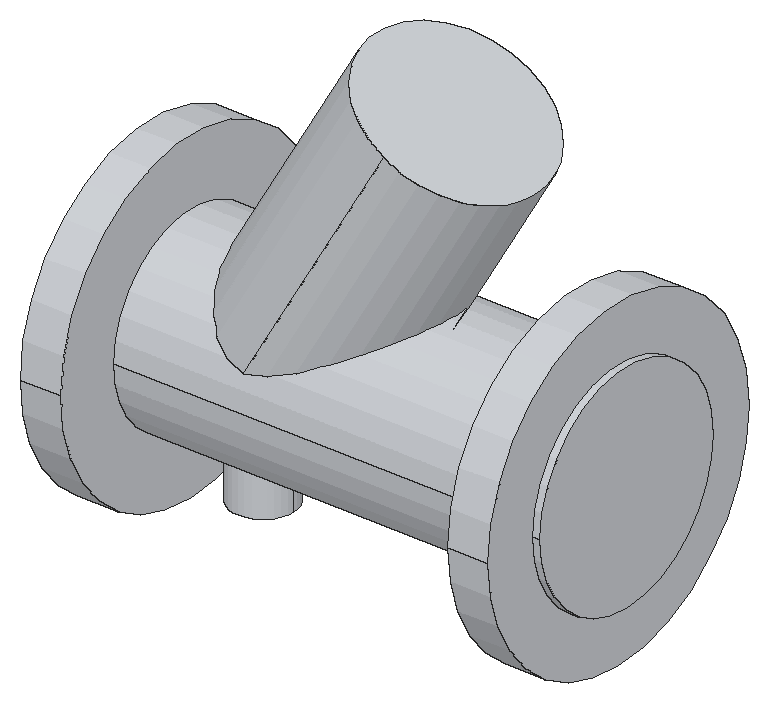
Revit family "HS 821-síto_jemné-PN25-DN100-RFA_2019", category Pipe Accessories, Revit 2019
Family settings
  Round Connector Dimension = Use Diameter
  Part Type = Breaks Into
  Work Plane-Based = No
  Always vertical = Yes
  Cut with Voids When Loaded = No
  Shared = No
Parameters (values of type "821D-DN100-PN25-síto_jemné")
  magiProductId = "175ca87a506b40b3bc6b82f12f33cf"
  magiProductFamilyId = "79214ac3aaa945e397802f559f5c1e"
  magiPartTypeId = 307
  isMeasuringValve [instance] = no
  ang2D [instance] = 0.00°
  ZB__ve = -ZB  # -37.25 mm
  ZB1 = 63.18 mm
  ZB = 37.25 mm
  X2 = 114.857 mm
  X1 = 49 mm
  W2D = 15 mm
  VersionID = "2.0/2017.9.26.1/ZETKAMA_821_001"
  Use Minimum Symbol Size [instance] = yes
  URL = "www.hydronic.cz"
  Type Comments = "Filtr přírubový; síto jemné; A-PN16 (-10~300°C); D-PN25 (-10~350°C); F-PN40 (-10~400°C)"
  S = 156 mm
  QmdConnectorList = "301;D;302;D"
  Productdata [instance] = ""
  Manufacturer = "Hydronic Systems Prague s.r.o."
  MC Product Code = "210 290 (821D; DN100; PN25; kvs206,4; oko síta 0,63mm)"
  LM1 = 28 mm
  LM = 280 mm
  L4 = 87.5 mm
  L2D_Min = 3048 mm
  L2D = 130 mm
  L2 = 175 mm
  HH2 = 198.937 mm
  FD = 235 mm
  Description = "Filtr přírubový; síto jemné; 821A-PN16; 821D-PN25; 821F-PN40"
  DM1 = 131.4 mm
  DM = 140.4 mm
  D = 100 mm
  CC = 5.95 mm
  CAT0 = yes
  C1 = 29.05 mm
  C = 35 mm
  BD = 44.226 mm
Types (40, lengths in mm): name | magiProductId | ZB__ve | ZB1 | ZB | X2 | X1 | S | MC Product Code | LM1 | LM | L4 | L2 | HH2 | FD | DM1 | DM | D | CC | C1 | C | BD
  821A-DN015-PN16-síto_jemné | "a71bcfe8b393460598b23e8ddf7dc5" | -16.25 | 18.63 | 16.25 | 46.982 | 18.2 | 46 | "210 115 (821A; DN015; PN16; kvs6,2; oko síta 0,63mm)" | 10.4 | 104 | 32.5 | 65 | 81.375 | 95 | 27.6 | 41.4 | 15 | 2.21 | 10.79 | 13 | 13.041
  821A-DN020-PN16-síto_jemné | "41cd6c7a12924f4991217528336076" | -17.75 | 22.68 | 17.75 | 51.673 | 21 | 56 | "210 120 (821A; DN020; PN16; kvs9,6; oko síta 0,63mm)" | 12 | 120 | 37.5 | 75 | 89.5 | 105 | 33.6 | 50.4 | 20 | 2.55 | 12.45 | 15 | 15.876
  821A-DN025-PN16-síto_jemné | "be378b463ed14c3abf4c9b3ae8cf3a" | -19.25 | 26.325 | 19.25 | 58.601 | 22.4 | 65 | "210 125 (821A; DN025; PN16; kvs14,2; oko síta 0,63mm)" | 12.8 | 128 | 40 | 80 | 101.5 | 115 | 43.2 | 58.5 | 25 | 2.72 | 13.28 | 16 | 18.427
  821A-DN032-PN16-síto_jemné | "227a0d18b21540afabe8b6067d35fa" | -23 | 30.78 | 23 | 68.849 | 25.2 | 76 | "210 132 (821A; DN032; PN16; kvs23,1; oko síta 0,63mm)" | 14.4 | 144 | 45 | 90 | 119.25 | 140 | 50.4 | 68.4 | 32 | 3.06 | 14.94 | 18 | 21.546
  821A-DN040-PN16-síto_jemné | "d106917c74724141a10440112d0102" | -24.5 | 34.02 | 24.5 | 75.777 | 28 | 84 | "210 140 (821A; DN040; PN16; kvs36,6; oko síta 0,63mm)" | 16 | 160 | 50 | 100 | 131.25 | 150 | 60 | 75.6 | 40 | 3.4 | 16.6 | 20 | 23.814
  821A-DN050-PN16-síto_jemné | "8255d456a09e4f6486734f5dd9171b" | -26.75 | 40.095 | 26.75 | 79.061 | 32.2 | 99 | "210 150 (821A; DN050 PN16; kvs53,7; oko síta 0,63mm)" | 18.4 | 184 | 57.5 | 115 | 136.938 | 165 | 73.8 | 89.1 | 50 | 3.91 | 19.09 | 23 | 28.066
  821A-DN065-PN16-síto_jemné | "235b1b3e4c0843779a4d5e3716d40a" | -29.75 | 47.79 | 29.75 | 86.927 | 40.6 | 118 | "210 165 (821A; DN065; PN16; kvs95,1; oko síta 0,63mm)" | 23.2 | 232 | 72.5 | 145 | 150.562 | 185 | 94.2 | 106.2 | 65 | 4.93 | 24.07 | 29 | 33.453
  821A-DN080-PN16-síto_jemné | "a067f7c5236348ed8c820d16df7214" | -32 | 53.46 | 32 | 104.753 | 43.4 | 132 | "210 180 (821A; DN080; PN16; kvs137,1; oko síta 0,63mm)" | 24.8 | 248 | 77.5 | 155 | 181.438 | 200 | 107.4 | 118.8 | 80 | 5.27 | 25.73 | 31 | 37.422
  821A-DN100-PN16-síto_jemné | "c49a648c2747461285837d643703cd" | -35 | 63.18 | 35 | 114.857 | 49 | 156 | "210 190 (821A; DN100; PN16; kvs206,4; oko síta 0,63mm)" | 28 | 280 | 87.5 | 175 | 198.937 | 220 | 131.4 | 140.4 | 100 | 5.95 | 29.05 | 35 | 44.226
  821A-DN125-PN16-síto_jemné | "bf68e728a163493cbd2a663b26ebdc" | -39.5 | 74.52 | 39.5 | 131.888 | 56 | 184 | "210 191 (821A; DN125; PN16; kvs268,8; oko síta 0,63mm)" | 32 | 320 | 100 | 200 | 228.438 | 250 | 165 | 165.6 | 125 | 6.8 | 33.2 | 40 | 52.164
  821A-DN150-PN16-síto_jemné | "2de770284b654863ae6bc865769dc5" | -44.75 | 85.455 | 44.75 | 155.885 | 67.2 | 211 | "210 192 (821A; DN150; PN16; kvs401,4; oko síta 0,63mm)" | 38.4 | 384 | 120 | 240 | 270 | 285 | 192 | 189.9 | 150 | 8.16 | 39.84 | 48 | 59.818
  821A-DN200-PN16-síto_jemné | "8e5693371ab64aabb29a7f08c76e15" | -53 | 107.73 | 53 | 188.361 | 84 | 266 | "210 193 (821A; DN200; PN16; kvs706,7; oko síta 0,63mm)" | 48 | 480 | 150 | 300 | 326.25 | 340 | 252 | 239.4 | 200 | 10.2 | 49.8 | 60 | 75.411
  821A-DN250-PN16-síto_jemné | "05e37ed948c34047acdd4c42556504" | -62.75 | 129.195 | 62.75 | 255.911 | 102.2 | 319 | "210 194 (821A; DN250; PN16; kvs1229,4; oko síta 0,63mm)" | 58.4 | 584 | 182.5 | 365 | 443.25 | 405 | 309.6 | 287.1 | 250 | 12.41 | 60.59 | 73 | 90.436
  821A-DN300-PN16-síto_jemné | "9ad0af747269428da925480d83ce80" | -71 | 149.85 | 71 | 325.914 | 119 | 370 | "210 195 (821A; DN300; PN16; kvs1902,4; oko síta 0,63mm)" | 68 | 680 | 212.5 | 425 | 564.5 | 460 | 369.6 | 333 | 300 | 14.45 | 70.55 | 85 | 104.895
  821A-DN350-PN16-síto_jemné | "eebc71459bb3451bb4355e7951370a" | -80 | 173.745 | 80 | 356.875 | 137.2 | 429 | "200 196 (821A; DN350; PN16; kvs2611,0; oko síta 0,63mm)" | 78.4 | 784 | 245 | 490 | 618.125 | 520 | 438 | 386.1 | 350 | 16.66 | 81.34 | 98 | 121.621
  821A-DN400-PN16-síto_jemné | "d2f677cb196647e385b2590e7d8abe" | -89 | 194.4 | 89 | 392.237 | 154 | 480 | "210 197 (821A; DN400; PN16; kvs3438,4; oko síta 0,63mm)" | 88 | 880 | 275 | 550 | 679.375 | 580 | 498 | 432 | 400 | 18.7 | 91.3 | 110 | 136.08
  821D-DN015-PN25-síto_jemné | "27ddcbf555414f8ca1fde329bf9087" | -16.25 | 18.63 | 16.25 | 46.982 | 18.2 | 46 | "210 215 (821D; DN015; PN25; kvs6,2; oko síta 0,63mm)" | 10.4 | 104 | 32.5 | 65 | 81.375 | 95 | 27.6 | 41.4 | 15 | 2.21 | 10.79 | 13 | 13.041
  821D-DN020-PN25-síto_jemné | "270e0f14012f47189cd0235c18faee" | -17.75 | 22.68 | 17.75 | 51.673 | 21 | 56 | "210 220 (821D; DN020; PN25; kvs9,6; oko síta 0,63mm)" | 12 | 120 | 37.5 | 75 | 89.5 | 105 | 33.6 | 50.4 | 20 | 2.55 | 12.45 | 15 | 15.876
  821D-DN025-PN25-síto_jemné | "b9a7fb4aa36643878c637d8e1ab992" | -19.25 | 26.325 | 19.25 | 58.601 | 22.4 | 65 | "210 225 (821D; DN025; PN25; kvs14,2; oko síta 0,63mm)" | 12.8 | 128 | 40 | 80 | 101.5 | 115 | 43.2 | 58.5 | 25 | 2.72 | 13.28 | 16 | 18.427
  821D-DN032-PN25-síto_jemné | "6be9a55c4e68400f94eec7e804204c" | -23 | 30.78 | 23 | 68.849 | 25.2 | 76 | "210 232 (821D; DN032; PN25; kvs23,1; oko síta 0,63mm)" | 14.4 | 144 | 45 | 90 | 119.25 | 140 | 50.4 | 68.4 | 32 | 3.06 | 14.94 | 18 | 21.546
  821D-DN040-PN25-síto_jemné | "c54511bd7f584ec2984291479612cb" | -24.5 | 34.02 | 24.5 | 75.777 | 28 | 84 | "210 240 (821D; DN040; PN25; kvs36,6; oko síta 0,63mm)" | 16 | 160 | 50 | 100 | 131.25 | 150 | 60 | 75.6 | 40 | 3.4 | 16.6 | 20 | 23.814
  821D-DN050-PN25-síto_jemné | "5483b1f596b04cd39b23a14a22c90e" | -26.75 | 40.095 | 26.75 | 79.061 | 32.2 | 99 | "210 250 (821D; DN050; PN25; kvs53,7; oko síta 0,63mm)" | 18.4 | 184 | 57.5 | 115 | 136.938 | 165 | 73.8 | 89.1 | 50 | 3.91 | 19.09 | 23 | 28.066
  821D-DN065-PN25-síto_jemné | "767b0f8318e94750bc7a9930ed5b30" | -29.75 | 47.79 | 29.75 | 86.927 | 40.6 | 118 | "210 265 (821D; DN065; PN25; kvs95,1; oko síta 0,63mm)" | 23.2 | 232 | 72.5 | 145 | 150.562 | 185 | 94.2 | 106.2 | 65 | 4.93 | 24.07 | 29 | 33.453
  821D-DN080-PN25-síto_jemné | "e21040fa3cc2404b858198f6b73709" | -32 | 53.46 | 32 | 104.753 | 43.4 | 132 | "210 280 (821D; DN080; PN25; kvs137,1; oko síta 0,63mm)" | 24.8 | 248 | 77.5 | 155 | 181.438 | 200 | 107.4 | 118.8 | 80 | 5.27 | 25.73 | 31 | 37.422
  821D-DN100-PN25-síto_jemné | "175ca87a506b40b3bc6b82f12f33cf" | -37.25 | 63.18 | 37.25 | 114.857 | 49 | 156 | "210 290 (821D; DN100; PN25; kvs206,4; oko síta 0,63mm)" | 28 | 280 | 87.5 | 175 | 198.937 | 235 | 131.4 | 140.4 | 100 | 5.95 | 29.05 | 35 | 44.226
  821D-DN125-PN25-síto_jemné | "77cc98d60da24855999a22dff726b2" | -42.5 | 74.52 | 42.5 | 131.888 | 56 | 184 | "210 291 (821D; DN125; PN25; kvs268,8; oko síta 0,63mm)" | 32 | 320 | 100 | 200 | 228.438 | 270 | 165 | 165.6 | 125 | 6.8 | 33.2 | 40 | 52.164
  821D-DN150-PN25-síto_jemné | "9cf8acfcd15547d68e83172d3abcbe" | -47 | 85.455 | 47 | 155.885 | 67.2 | 211 | "210 292 (821D; DN150; PN25; kvs401,4; oko síta 0,63mm)" | 38.4 | 384 | 120 | 240 | 270 | 300 | 192 | 189.9 | 150 | 8.16 | 39.84 | 48 | 59.818
  821D-DN200-PN25-síto_jemné | "16973f3c9ea14389ba8602495a6b64" | -56 | 110.97 | 56 | 188.361 | 84 | 274 | "210 293 (821D; DN200; PN25; kvs706,7; oko síta 0,63mm)" | 48 | 480 | 150 | 300 | 326.25 | 360 | 252 | 246.6 | 200 | 10.2 | 49.8 | 60 | 77.679
  821F-DN015-PN40-síto_jemné | "4c7eaf3c4c0340888b3e684d8a8616" | -16.25 | 18.225 | 16.25 | 46.982 | 18.2 | 45 | "250 615 (821F; DN015; PN40; kvs6,2; oko síta 0,63mm)" | 10.4 | 104 | 32.5 | 65 | 81.375 | 95 | 27.6 | 40.5 | 15 | 2.21 | 10.79 | 13 | 12.757
  821F-DN020-PN40-síto_jemné | "aaac5f1ec96b44d6ba96ac2293d66d" | -17.75 | 23.49 | 17.75 | 51.673 | 21 | 58 | "250 620 (821F; DN020; PN40; kvs9,6; oko síta 0,63mm)" | 12 | 120 | 37.5 | 75 | 89.5 | 105 | 33.6 | 52.2 | 20 | 2.55 | 12.45 | 15 | 16.443
  821F-DN025-PN40-síto_jemné | "504768023968471481789485b54c7e" | -19.25 | 27.54 | 19.25 | 58.601 | 22.4 | 68 | "250 625 (821F; DN025; PN40; kvs14,2; oko síta 0,63mm)" | 12.8 | 128 | 40 | 80 | 101.5 | 115 | 43.2 | 61.2 | 25 | 2.72 | 13.28 | 16 | 19.278
  821F-DN032-PN40-síto_jemné | "165e7f39cf744f329bdf1c400dad12" | -23 | 31.59 | 23 | 68.849 | 25.2 | 78 | "250 632 (821F; DN032; PN40; kvs23,1; oko síta 0,63mm)" | 14.4 | 144 | 45 | 90 | 119.25 | 140 | 50.4 | 70.2 | 32 | 3.06 | 14.94 | 18 | 22.113
  821F-DN040-PN40-síto_jemné | "b8903f952089408fbf3a5a632bab1f" | -24.5 | 35.64 | 24.5 | 75.777 | 28 | 88 | "250 640 (821F; DN040; PN40; kvs36,6; oko síta 0,63mm)" | 16 | 160 | 50 | 100 | 131.25 | 150 | 60 | 79.2 | 40 | 3.4 | 16.6 | 20 | 24.948
  821F-DN050-PN40-síto_jemné | "c451f97266fe48da8f879cb6a2bd44" | -26.75 | 41.31 | 26.75 | 79.061 | 32.2 | 102 | "250 650 (821F; DN050; PN40; kvs53,7; oko síta 0,63mm)" | 18.4 | 184 | 57.5 | 115 | 136.938 | 165 | 73.8 | 91.8 | 50 | 3.91 | 19.09 | 23 | 28.917
  821F-DN065-PN40-síto_jemné | "dc9821e3f9b34e128f6a8c6b34c198" | -29.75 | 49.41 | 29.75 | 86.927 | 40.6 | 122 | "250 665 (821F; DN065; PN40; kvs95,1; oko síta 0,63mm)" | 23.2 | 232 | 72.5 | 145 | 150.562 | 185 | 94.2 | 109.8 | 65 | 4.93 | 24.07 | 29 | 34.587
  821F-DN080-PN40-síto_jemné | "689aa1e260f84cf4994f027a1d86b5" | -32 | 55.89 | 32 | 104.753 | 43.4 | 138 | "250 680 (821F; DN080; PN40; kvs137,1; oko síta 0,63mm)" | 24.8 | 248 | 77.5 | 155 | 181.438 | 200 | 107.4 | 124.2 | 80 | 5.27 | 25.73 | 31 | 39.123
  821F-DN100-PN40-síto_jemné | "8a45d4e8e2ab425f8c432f21d684f3" | -37.25 | 65.61 | 37.25 | 114.857 | 49 | 162 | "250 690 (821F; DN100; PN40; kvs206,4; oko síta 0,63mm)" | 28 | 280 | 87.5 | 175 | 198.937 | 235 | 131.4 | 145.8 | 100 | 5.95 | 29.05 | 35 | 45.927
  821F-DN125-PN40-síto_jemné | "cf073904c006406b8645afa67ea2fc" | -42.5 | 76.14 | 42.5 | 131.888 | 56 | 188 | "250 691 (821F; DN125; PN40; kvs268,8; oko síta 0,63mm)" | 32 | 320 | 100 | 200 | 228.438 | 270 | 165 | 169.2 | 125 | 6.8 | 33.2 | 40 | 53.298
  821F-DN150-PN40-síto_jemné | "0153b9ddabe14992a630484929fdbc" | -47 | 88.29 | 47 | 155.885 | 67.2 | 218 | "250 692 (821F; DN150; PN40; kvs401,4; oko síta 0,63mm)" | 38.4 | 384 | 120 | 240 | 270 | 300 | 192 | 196.2 | 150 | 8.16 | 39.84 | 48 | 61.803
  821F-DN200-PN40-síto_jemné | "7fb3fc01dd8d42428c203e3f8dd4d5" | -56 | 115.425 | 56 | 188.361 | 84 | 285 | "250 693 (821F; DN200; PN40; kvs706,7; oko síta 0,63mm)" | 48 | 480 | 150 | 300 | 326.25 | 360 | 252 | 256.5 | 200 | 10.2 | 49.8 | 60 | 80.797
Reference planes
  plane 1 "Center (Front/Back)": y = 0
  plane 2 "XYPLANE": z = 0
  plane 3 "Center (Left/Right)": x = 0
  plane 4 "109": x = -112
  plane 5 "108": x = 140
  plane 6 "107": x = -140
  plane 7 "105": x = 175
  plane 8 "104": x = -175
  plane 9 "103": y = 0
  plane 10 "102": z = 0
  plane 11 "101": x = -169.05
  plane 12 "100": x = 169.05
  plane 13 "11": x = -63
  plane 14 "10": z = 198.937
  plane 15 "9": x = 51.857
  plane 16 "5": z = -63.18
  plane 17 "4": x = -87.5
  plane 18 "1": x = 87.5
Forms (mm)
  Extrusion 1, solid, visible <- "CAT0"
    sketch origin (-140, -750, 0) x (0, 1, 0) y (0, 0, 1)
      loop
        circle (750, 0) r 70.2
    from 0 to 280 <- "LM"
  Extrusion 2, solid
    sketch origin (-175, -750, 0) x (0, 1, 0) y (0, 0, 1)
      loop
        circle (750, 0) r 78
    from 0 to 5.95 <- "CC"
  Extrusion 3, solid
    sketch origin (-169.05, -750, 0) x (0, 1, 0) y (0, 0, 1)
      loop
        circle (750, 0) r 117.5
    from 0 to 29.05 <- "C1"
  Extrusion 4, solid
    sketch origin (140, -750, 0) x (0, 1, 0) y (0, 0, 1)
      loop
        circle (750, 0) r 117.5
    from 0 to 29.05 <- "C1"
  Extrusion 5, solid
    sketch origin (169.05, -750, 0) x (0, 1, 0) y (0, 0, 1)
      loop
        circle (750, 0) r 78
    from 0 to 5.95 <- "CC"
  Sweep 6, solid, visible <- "CAT0"
    path origin (750, 0, 0) x (-1, 0, 0) y (0, 0, 1)
      loop
        line (890, 0) -> (813, 0) -> (698.143, 198.937)
    profile origin (-140, 0, 0) x (0, 0, -1) y (0, 1, 0)
      loop
        circle (0, 0) r 65.7
  Extrusion 7, solid, visible <- "CAT0"
    sketch origin (-750, 0, -63.18) x (1, 0, 0) y (0, 1, 0)
      loop
        circle (662.5, 0) r 22.113
    from 0 to -37.25 <- "ZB__ve"
  Extrusion 8, solid, visible <- "CAT0"
    sketch origin (-750, 0, -63.18) x (1, 0, 0) y (0, 1, 0)
      loop
        circle (837.5, 0) r 22.113
    from 0 to -37.25 <- "ZB__ve"
  Extrusion 9, solid, not visible
    sketch origin (175, -750, 0) x (0, 1, 0) y (0, 0, 1)
      loop
        circle (750, 0) r 10
    from 0 to -10
  Extrusion 10, solid, not visible
    sketch origin (-175, -750, 0) x (0, 1, 0) y (0, 0, 1)
      loop
        circle (750, 0) r 10
    from 0 to 10
Lines and regions (mm)
  reference lines, not visible
    curve 1: circle (2, 2, 0) r 1 normal (0, 0, 1)
Dimensions and locks
  plane 1 "Center (Front/Back)" to curve 1 = 2 mm
  "LM1": plane 6 "107" to plane 4 "109"
  "LM": plane 6 "107" to plane 5 "108"
  "C": plane 8 "104" to plane 6 "107"
  "L2": plane 3 "Center (Left/Right)" to plane 7 "105"
  "L2": plane 3 "Center (Left/Right)" to plane 8 "104"
  locked: plane 1 "Center (Front/Back)" to plane 9 "103"
  locked: plane 2 "XYPLANE" to plane 10 "102"
  "CC": plane 8 "104" to plane 11 "101"
  "C1": plane 5 "108" to plane 12 "100"
  "X1": plane 4 "109" to plane 13 "11"
  "HH2": plane 2 "XYPLANE" to plane 14 "10"
  "X2": plane 13 "11" to plane 15 "9"
  "ZB1": plane 2 "XYPLANE" to plane 16 "5"
  "L4": plane 8 "104" to plane 17 "4"
  "L2": plane 17 "4" to plane 18 "1"
  Sweep 6 sketch curve to Sweep 6 sketch curve = 0 mm  (x2)
  "DM": diameter of Extrusion 1 sketch curve
  "S": diameter of Extrusion 2 sketch curve
  "FD": diameter of Extrusion 3 sketch curve
  "FD": diameter of Extrusion 4 sketch curve
  "S": diameter of Extrusion 5 sketch curve
  "DM1": diameter of Sweep 6 sketch curve
  "BD": diameter of Extrusion 7 sketch curve
  "BD": diameter of Extrusion 8 sketch curve
  aligned and locked: level to plane 2 "XYPLANE"
  aligned and locked: Extrusion 1 sketch curve to plane 9 "103"
  aligned and locked: plane 10 "102" to Extrusion 1 sketch curve
  aligned and locked: Extrusion 2 sketch curve to plane 9 "103"
  aligned and locked: plane 10 "102" to Extrusion 2 sketch curve
  aligned and locked: Extrusion 3 sketch curve to plane 9 "103"
  aligned and locked: plane 10 "102" to Extrusion 3 sketch curve
  aligned and locked: Extrusion 4 sketch curve to plane 9 "103"
  aligned and locked: plane 10 "102" to Extrusion 4 sketch curve
  aligned and locked: Extrusion 5 sketch curve to plane 9 "103"
  aligned and locked: plane 10 "102" to Extrusion 5 sketch curve
  aligned and locked: Sweep 6 sketch curve to plane 9 "103"
  aligned and locked: plane 10 "102" to Sweep 6 sketch curve  (x3)
  aligned and locked: plane 6 "107" to Sweep 6 sketch curve
  aligned and locked: plane 13 "11" to Sweep 6 sketch curve
  aligned and locked: plane 14 "10" to Sweep 6 sketch curve
  aligned and locked: plane 15 "9" to Sweep 6 sketch curve
  aligned and locked: plane 9 "103" to Extrusion 7 sketch curve
  aligned and locked: plane 17 "4" to Extrusion 7 sketch curve
  aligned and locked: plane 9 "103" to Extrusion 8 sketch curve
  aligned and locked: plane 18 "1" to Extrusion 8 sketch curve
  aligned and locked: Extrusion 9 sketch curve to plane 9 "103"
  aligned and locked: plane 10 "102" to Extrusion 9 sketch curve
  aligned and locked: Extrusion 10 sketch curve to plane 9 "103"
  aligned and locked: plane 10 "102" to Extrusion 10 sketch curve
Automatic sketch dimensions
  plane 1 "Center (Front/Back)" to Extrusion 9 sketch curve = 10 mm
  plane 1 "Center (Front/Back)" to Extrusion 10 sketch curve = 10 mm
  plane 3 "Center (Left/Right)" to curve 1 = 2 mm
  radius of curve 1 = 1 mm
Connectors
  piping at (-175, 0, 0), diameter 100, driven by "D"
    settings: on Extrusion 10, index 1, connector inside diameter 609.6 mm, connector length 0 mm, flow factor 0, pipe flow 0.0 L/s, pressure drop 0.0 Pa, fitting loss kfactor 0, connector angle 0.00°, fixture units 0, engagement length 0 mm, angle of deflection 0.00°, flow configuration 0, flow direction 0, fitting loss method 0, system type 29, joint type 0, gender type 0, connector reference index 2, connector utility 0, adjustable connector no, is connector primary yes, connector description ""
  piping at (175, 0, 0), diameter 100, driven by "D"
    settings: on Extrusion 9, index 2, connector inside diameter 609.6 mm, connector length 0 mm, flow factor 0, pipe flow 0.0 L/s, pressure drop 0.0 Pa, fitting loss kfactor 0, connector angle 0.00°, fixture units 0, engagement length 0 mm, angle of deflection 0.00°, flow configuration 0, flow direction 0, fitting loss method 0, system type 29, joint type 0, gender type 0, connector reference index 1, connector utility 0, adjustable connector no, is connector primary no, connector description ""
